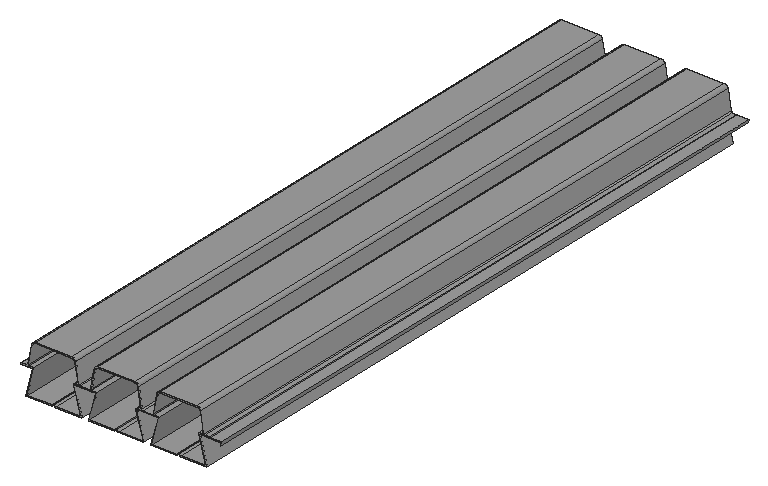
Revit family "StructuralDeck_NewMillennium_Super-Versa-Dek-6-5", category Generic Models, Revit 2026
Family settings
  Can host rebar = No
  Round Connector Dimension = Use Diameter
  Part Type = Normal
  Classification Number = 23.25.30.27.11.14
  Work Plane-Based = No
  Always vertical = Yes
  Cut with Voids When Loaded = No
  Maintain Annotation Orientation = No
  Shared = No
  Room Calculation Point = No
Parameters
  URL = "https://www.newmill.com/"
  Test Data = "https://www.newmill.com/tables/load-tables.html"
  Specification = "http://www.arcat.com/sdspecs/htm/05311mil.htm"
  Show Detail [instance] = not(Cut Width < Cover Width)  # yes
  Sales Information = "https://www.newmill.com/contact/request-quote.html"
  Revision = "R0_10-2017"
  Product Data = "http://www.arcat.com/arcatcos/cos9535/arc35565.html"
  Panel Material = Steel as Specified
  Overall Length = 8' - 0"
  Overall Depth = 0' - 6 1/2"
  Model = "Super-Versa-Dek-6.5"
  Manufacturer Website = "https://www.newmill.com/"
  Manufacturer Phone - Toll Free = ""
  Manufacturer Phone = "260-969-3500"
  Manufacturer Fax = "260-868-6002"
  Manufacturer Address = "7575 W. Jefferson Ave., Fort Wayne, IN 46804"
  Manufacturer = "New Millennium Building Systems"
  Keynote = "05 31 13"
  Installation-Fabrication = "https://www.newmill.com/bim-design-tools/tools/tools-terms.html?tool=https://www.newmill.com/bim-design-tools/tools/steel-decking-tools.html"
  Green Building-LEED = "http://www.arcat.com/green/clients95/leed_data_35565.html"
  Drawn By = "Sumex Design / Robert S. Weygant"
  Description = "New Millennium Building Systems Super-Versa-Dek-6.5"
  Default Elevation = 0' - 0"
  Cut Width [instance] = 2' - 1 1/2"
  Cut Length [instance] = 7' - 0"
  Cover Width = 2' - 0"
  Copyright = "2017, ARCAT, Inc."
  Construction Details = "https://www.newmill.com/bim-design-tools/tools/tools-terms.html?tool=https://www.newmill.com/bim-design-tools/bim-design-overview.html"
  Category = ""
  Building Codes = "https://www.newmill.com/certifications/certifications.html"
  Assembly Code = "B1010370"
Reference planes (in)
  plane 1 "Center (Front/Back)": y = 0
  plane 2: z = 0
  plane 3 "Center (Left/Right)": x = 0
  plane 4: y = 96
  plane 5: y = 84
  plane 6: x = 24
  plane 7: x = 25.5
  plane 8: x = 25.5
  plane 9: x = 26.25
  plane 10: z = 6.5
Forms (in)
  Sweep 1, solid, material "Steel as Specified" <- "Panel Material"
    path in 3D
      loop
        line (0, 0, 0) -> (0, 84, 0)
    profile "Super-Versa-Dek_6-5_LS-ES : Super-Versa-Dek_6-5_LS-ES" origin (0, 42, 0) x (-1, 0, 0) y (0, 0, 1)
      loop
        line (-17.46663, 3.5) -> (-16.64448, 3.5)
        arc (-16.64448, 3.5) -> (-16.76543, 3.54423) -> (-16.82932, 3.65604) r 0.1875
        line (-16.82932, 3.65604) -> (-17.24079, 6.07341)
        arc (-17.24079, 6.07341) -> (-17.38987, 6.33431) -> (-17.67208, 6.4375) r 0.4375
        line (-17.67208, 6.4375) -> (-22.32792, 6.4375)
        arc (-22.32792, 6.4375) -> (-22.61013, 6.33431) -> (-22.75921, 6.07341) r 0.4375
        line (-22.75921, 6.07341) -> (-23.17068, 3.65604)
        arc (-23.17068, 3.65604) -> (-23.23457, 3.54423) -> (-23.35552, 3.5) r 0.1875
        line (-23.35552, 3.5) -> (-22.53337, 3.5) -> (-23.45445, 0.0625) -> (-20.27589, 0.0625) -> (-20, 0.33839) -> (-19.72411, 0.0625) -> (-16.54555, 0.0625) -> (-17.46663, 3.5)
      loop
        line (-9.46663, 3.5) -> (-8.64448, 3.5)
        arc (-8.64448, 3.5) -> (-8.76543, 3.54423) -> (-8.82932, 3.65604) r 0.1875
        line (-8.82932, 3.65604) -> (-9.24079, 6.07341)
        arc (-9.24079, 6.07341) -> (-9.38987, 6.33431) -> (-9.67208, 6.4375) r 0.4375
        line (-9.67208, 6.4375) -> (-14.32792, 6.4375)
        arc (-14.32792, 6.4375) -> (-14.61013, 6.33431) -> (-14.75921, 6.07341) r 0.4375
        line (-14.75921, 6.07341) -> (-15.17068, 3.65604)
        arc (-15.17068, 3.65604) -> (-15.23457, 3.54423) -> (-15.35552, 3.5) r 0.1875
        line (-15.35552, 3.5) -> (-14.53337, 3.5) -> (-15.45445, 0.0625) -> (-12.27589, 0.0625) -> (-12, 0.33839) -> (-11.72411, 0.0625) -> (-8.54555, 0.0625) -> (-9.46663, 3.5)
      loop
        line (-1.46663, 3.5) -> (-0.64448, 3.5)
        arc (-0.64448, 3.5) -> (-0.76543, 3.54423) -> (-0.82932, 3.65604) r 0.1875
        line (-0.82932, 3.65604) -> (-1.24079, 6.07341)
        arc (-1.24079, 6.07341) -> (-1.38987, 6.33431) -> (-1.67208, 6.4375) r 0.4375
        line (-1.67208, 6.4375) -> (-6.32792, 6.4375)
        arc (-6.32792, 6.4375) -> (-6.61013, 6.33431) -> (-6.75921, 6.07341) r 0.4375
        line (-6.75921, 6.07341) -> (-7.17068, 3.65604)
        arc (-7.17068, 3.65604) -> (-7.23457, 3.54423) -> (-7.35552, 3.5) r 0.1875
        line (-7.35552, 3.5) -> (-6.53337, 3.5) -> (-7.45445, 0.0625) -> (-4.27589, 0.0625) -> (-4, 0.33839) -> (-3.72411, 0.0625) -> (-0.54555, 0.0625) -> (-1.46663, 3.5)
      loop
        line (-9.38518, 3.4375) -> (-6.61482, 3.4375) -> (-7.5359, 0) -> (-4.25, 0) -> (-4, 0.25) -> (-3.75, 0) -> (-0.4641, 0) -> (-1.38518, 3.4375) -> (0.25, 3.4375) -> (0.25, 3.5) -> (0, 3.5) -> (0, 3.5625) -> (-0.64448, 3.5625)
        arc (-0.64448, 3.5625) -> (-0.72511, 3.59198) -> (-0.76771, 3.66653) r 0.125
        line (-0.76771, 3.66653) -> (-1.17917, 6.0839)
        arc (-1.17917, 6.0839) -> (-1.34956, 6.38207) -> (-1.67208, 6.5) r 0.5
        line (-1.67208, 6.5) -> (-6.32792, 6.5)
        arc (-6.32792, 6.5) -> (-6.65044, 6.38207) -> (-6.82083, 6.0839) r 0.5
        line (-6.82083, 6.0839) -> (-7.23229, 3.66653)
        arc (-7.23229, 3.66653) -> (-7.27489, 3.59198) -> (-7.35552, 3.5625) r 0.125
        line (-7.35552, 3.5625) -> (-8.64448, 3.5625)
        arc (-8.64448, 3.5625) -> (-8.72511, 3.59198) -> (-8.76771, 3.66653) r 0.125
        line (-8.76771, 3.66653) -> (-9.17917, 6.0839)
        arc (-9.17917, 6.0839) -> (-9.34956, 6.38207) -> (-9.67208, 6.5) r 0.5
        line (-9.67208, 6.5) -> (-14.32792, 6.5)
        arc (-14.32792, 6.5) -> (-14.65044, 6.38207) -> (-14.82083, 6.0839) r 0.5
        line (-14.82083, 6.0839) -> (-15.23229, 3.66653)
        arc (-15.23229, 3.66653) -> (-15.27489, 3.59198) -> (-15.35552, 3.5625) r 0.125
        line (-15.35552, 3.5625) -> (-16.64448, 3.5625)
        arc (-16.64448, 3.5625) -> (-16.72511, 3.59198) -> (-16.76771, 3.66653) r 0.125
        line (-16.76771, 3.66653) -> (-17.17917, 6.0839)
        arc (-17.17917, 6.0839) -> (-17.34956, 6.38207) -> (-17.67208, 6.5) r 0.5
        line (-17.67208, 6.5) -> (-22.32792, 6.5)
        arc (-22.32792, 6.5) -> (-22.65044, 6.38207) -> (-22.82083, 6.0839) r 0.5
        line (-22.82083, 6.0839) -> (-23.23229, 3.66653)
        arc (-23.23229, 3.66653) -> (-23.27489, 3.59198) -> (-23.35552, 3.5625) r 0.125
        line (-23.35552, 3.5625) -> (-24, 3.5625) -> (-24, 3.5) -> (-25.46663, 3.5) -> (-25.34529, 3.04717) -> (-25.28492, 3.06335) -> (-25.38518, 3.4375) -> (-22.61482, 3.4375) -> (-23.5359, 0) -> (-20.25, 0) -> (-20, 0.25) -> (-19.75, 0) -> (-16.4641, 0) -> (-17.38518, 3.4375) -> (-14.61482, 3.4375) -> (-15.5359, 0) -> (-12.25, 0) -> (-12, 0.25) -> (-11.75, 0) -> (-8.4641, 0) -> (-9.38518, 3.4375)
  Extrusion 2, void
    sketch origin (0, 0, 0) x (1, 0, 0) y (0, 0, 1)
      loop
        line (25.5, 6.5) -> (25.5, 0) -> (26.25, 0) -> (26.25, 6.5) -> (25.5, 6.5)
    from 0 to -96
Cuts and joins
  Extrusion 2 cuts Sweep 1
Lines and regions (in)
  reference lines
    curve 1: line (0, 0, 0) -> (0, 84, 0)
  sketch lines
    curve 2: line (0, 0, 0) -> (0, 84, 0)
Dimensions and locks (in)
  "Overall Length": plane 1 "Center (Front/Back)" to plane 4
  "Cut Length": plane 5 to plane 1 "Center (Front/Back)"
  "Cover Width": plane 3 "Center (Left/Right)" to plane 6
  "Cut Width": plane 3 "Center (Left/Right)" to plane 7
  locked: plane 6 to plane 8 at 1.5
  locked: plane 8 to plane 9 at 0.75
  "Overall Depth": plane 10 to level
  aligned and locked: plane 2 to level
  aligned and locked: Extrusion 2 sketch curve to plane 10
  aligned and locked: level to Extrusion 2 sketch curve
  aligned and locked: Extrusion 2 sketch curve to plane 9
  aligned and locked: plane 7 to Extrusion 2 sketch curve
  aligned and locked: plane 4 to Extrusion 2
  aligned and locked: plane 1 "Center (Front/Back)" to Extrusion 2
Automatic sketch dimensions
  curve 1 to plane 3 "Center (Left/Right)" = 0' - 0"
  plane 1 "Center (Front/Back)" to curve 1 = 0' - 0"
  curve 1 to plane 5 = 0' - 0"
